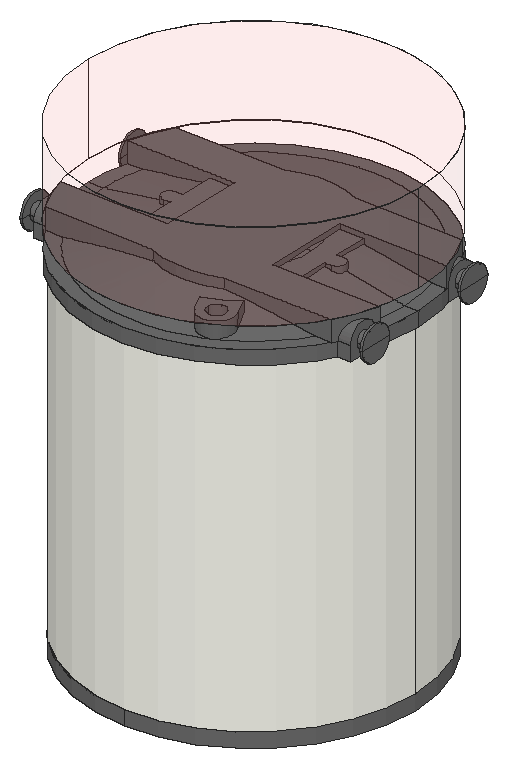
Revit family (continued)
Definition of nested family "Cooling_Plant_Accessories-Calmac-IceBank-Lid_C"
  Dimensions and locks (in)
    aligned and locked: Masking region 3 sketch curve to cut or joined group of Revolve 1, Extrusion 2, Extrusion 4, Extrusion 5  (x2)
    aligned and locked: curve 121 to cut or joined group of Revolve 1, Extrusion 2, Extrusion 4, Extrusion 5
    aligned and locked: curve 122 to cut or joined group of Revolve 1, Extrusion 2, Extrusion 4, Extrusion 5
    aligned and locked: curve 123 to cut or joined group of Revolve 1, Extrusion 2, Extrusion 4, Extrusion 5
    aligned and locked: curve 124 to cut or joined group of Revolve 1, Extrusion 2, Extrusion 4, Extrusion 5
    aligned and locked: curve 125 to cut or joined group of Revolve 1, Extrusion 2, Extrusion 4, Extrusion 5
    aligned and locked: curve 126 to cut or joined group of Revolve 1, Extrusion 2, Extrusion 4, Extrusion 5
    aligned and locked: curve 127 to cut or joined group of Revolve 1, Extrusion 2, Extrusion 4, Extrusion 5
    aligned and locked: curve 128 to cut or joined group of Revolve 1, Extrusion 2, Extrusion 4, Extrusion 5
    aligned and locked: curve 129 to cut or joined group of Revolve 1, Extrusion 2, Extrusion 4, Extrusion 5
    aligned and locked: curve 130 to cut or joined group of Revolve 1, Extrusion 2, Extrusion 4, Extrusion 5
    aligned and locked: curve 131 to cut or joined group of Revolve 1, Extrusion 2, Extrusion 4, Extrusion 5
    aligned and locked: curve 132 to cut or joined group of Revolve 1, Extrusion 2, Extrusion 4, Extrusion 5
    aligned and locked: curve 133 to cut or joined group of Revolve 1, Extrusion 2, Extrusion 4, Extrusion 5
    aligned and locked: curve 134 to cut or joined group of Revolve 1, Extrusion 2, Extrusion 4, Extrusion 5
    aligned and locked: curve 135 to cut or joined group of Revolve 1, Extrusion 2, Extrusion 4, Extrusion 5
    aligned and locked: curve 136 to cut or joined group of Revolve 1, Extrusion 2, Extrusion 4, Extrusion 5
    aligned and locked: curve 137 to cut or joined group of Revolve 1, Extrusion 2, Extrusion 4, Extrusion 5
    aligned and locked: curve 138 to cut or joined group of Revolve 1, Extrusion 2, Extrusion 4, Extrusion 5
    aligned and locked: curve 139 to cut or joined group of Revolve 1, Extrusion 2, Extrusion 4, Extrusion 5
    aligned and locked: curve 140 to cut or joined group of Revolve 1, Extrusion 2, Extrusion 4, Extrusion 5
    aligned and locked: curve 141 to cut or joined group of Revolve 1, Extrusion 2, Extrusion 4, Extrusion 5
    aligned and locked: curve 142 to cut or joined group of Revolve 1, Extrusion 2, Extrusion 4, Extrusion 5
    aligned and locked: curve 143 to cut or joined group of Revolve 1, Extrusion 2, Extrusion 4, Extrusion 5
    aligned and locked: curve 144 to cut or joined group of Revolve 1, Extrusion 2, Extrusion 4, Extrusion 5
    aligned and locked: curve 145 to cut or joined group of Revolve 1, Extrusion 2, Extrusion 4, Extrusion 5
    aligned and locked: curve 146 to cut or joined group of Revolve 1, Extrusion 2, Extrusion 4, Extrusion 5
    aligned and locked: curve 147 to cut or joined group of Revolve 1, Extrusion 2, Extrusion 4, Extrusion 5
    aligned and locked: curve 148 to cut or joined group of Revolve 1, Extrusion 2, Extrusion 4, Extrusion 5
    aligned and locked: cut or joined group of Revolve 1, Extrusion 2, Extrusion 4, Extrusion 5 to curve 149
    aligned and locked: curve 150 to cut or joined group of Revolve 1, Extrusion 2, Extrusion 4, Extrusion 5
    aligned and locked: curve 151 to cut or joined group of Revolve 1, Extrusion 2, Extrusion 4, Extrusion 5
    aligned and locked: cut or joined group of Revolve 1, Extrusion 2, Extrusion 4, Extrusion 5 to curve 152
    aligned and locked: curve 153 to cut or joined group of Revolve 1, Extrusion 2, Extrusion 4, Extrusion 5
    aligned and locked: curve 154 to cut or joined group of Revolve 1, Extrusion 2, Extrusion 4, Extrusion 5
    aligned and locked: curve 155 to cut or joined group of Revolve 1, Extrusion 2, Extrusion 4, Extrusion 5
    aligned and locked: curve 156 to cut or joined group of Revolve 1, Extrusion 2, Extrusion 4, Extrusion 5
    aligned and locked: curve 157 to cut or joined group of Revolve 1, Extrusion 2, Extrusion 4, Extrusion 5
    aligned and locked: curve 158 to cut or joined group of Revolve 1, Extrusion 2, Extrusion 4, Extrusion 5
    aligned and locked: curve 159 to cut or joined group of Revolve 1, Extrusion 2, Extrusion 4, Extrusion 5
    aligned and locked: curve 160 to cut or joined group of Revolve 1, Extrusion 2, Extrusion 4, Extrusion 5
    aligned and locked: curve 161 to cut or joined group of Revolve 1, Extrusion 2, Extrusion 4, Extrusion 5
    aligned and locked: curve 162 to cut or joined group of Revolve 1, Extrusion 2, Extrusion 4, Extrusion 5
    aligned and locked: curve 163 to cut or joined group of Revolve 1, Extrusion 2, Extrusion 4, Extrusion 5
    aligned and locked: curve 164 to cut or joined group of Revolve 1, Extrusion 2, Extrusion 4, Extrusion 5
    aligned and locked: curve 127 to curve 165
    aligned and locked: plane 19 "Rigging Front" to curve 166
    aligned and locked: plane 9 "Rigging Back" to curve 166
    aligned and locked: curve 121 to curve 167
    aligned and locked: plane 19 "Rigging Front" to curve 168
    aligned and locked: plane 9 "Rigging Back" to curve 168
    aligned and locked: plane 8 "Piping Back" to curve 167  (x2)
    aligned and locked: Masking region 3 sketch curve to plane 5 "Back Connector Back"
    aligned and locked: Masking region 3 sketch curve to plane 44 "Connection Sleeve Left"
    aligned and locked: plane 45 "Connection Sleeve Right" to Masking region 3 sketch curve
    aligned and locked: plane 15 "Front Connection Front" to Masking region 3 sketch curve
    aligned and locked: curve 169 to cut or joined group of Revolve 1, Extrusion 2, Extrusion 4, Extrusion 5
    aligned and locked: curve 170 to cut or joined group of Revolve 1, Extrusion 2, Extrusion 4, Extrusion 5
    aligned and locked: curve 171 to curve 169
    aligned and locked: curve 172 to curve 170
    aligned and locked: curve 173 to cut or joined group of Revolve 1, Extrusion 2, Extrusion 4, Extrusion 5
    aligned and locked: curve 174 to cut or joined group of Revolve 1, Extrusion 2, Extrusion 4, Extrusion 5
    aligned and locked: curve 175 to cut or joined group of Revolve 1, Extrusion 2, Extrusion 4, Extrusion 5
    aligned and locked: curve 176 to cut or joined group of Revolve 1, Extrusion 2, Extrusion 4, Extrusion 5
    aligned and locked: curve 177 to cut or joined group of Revolve 1, Extrusion 2, Extrusion 4, Extrusion 5
    aligned and locked: curve 178 to cut or joined group of Revolve 1, Extrusion 2, Extrusion 4, Extrusion 5
    aligned and locked: curve 179 to cut or joined group of Revolve 1, Extrusion 2, Extrusion 4, Extrusion 5
    aligned and locked: curve 180 to cut or joined group of Revolve 1, Extrusion 2, Extrusion 4, Extrusion 5
    aligned and locked: cut or joined group of Revolve 1, Extrusion 2, Extrusion 4, Extrusion 5 to curve 181
    aligned and locked: curve 182 to cut or joined group of Revolve 1, Extrusion 2, Extrusion 4, Extrusion 5
    aligned and locked: curve 183 to cut or joined group of Revolve 1, Extrusion 2, Extrusion 4, Extrusion 5
    aligned and locked: curve 184 to cut or joined group of Revolve 1, Extrusion 2, Extrusion 4, Extrusion 5
    aligned and locked: curve 185 to cut or joined group of Revolve 1, Extrusion 2, Extrusion 4, Extrusion 5
    aligned and locked: curve 186 to cut or joined group of Revolve 1, Extrusion 2, Extrusion 4, Extrusion 5
    aligned and locked: curve 187 to cut or joined group of Revolve 1, Extrusion 2, Extrusion 4, Extrusion 5
    aligned and locked: curve 188 to cut or joined group of Revolve 1, Extrusion 2, Extrusion 4, Extrusion 5
    aligned and locked: curve 189 to cut or joined group of Revolve 1, Extrusion 2, Extrusion 4, Extrusion 5
    aligned and locked: curve 190 to cut or joined group of Revolve 1, Extrusion 2, Extrusion 4, Extrusion 5
    aligned and locked: cut or joined group of Revolve 1, Extrusion 2, Extrusion 4, Extrusion 5 to curve 191
    aligned and locked: cut or joined group of Revolve 1, Extrusion 2, Extrusion 4, Extrusion 5 to curve 192
    aligned and locked: cut or joined group of Revolve 1, Extrusion 2, Extrusion 4, Extrusion 5 to curve 193
    aligned and locked: cut or joined group of Revolve 1, Extrusion 2, Extrusion 4, Extrusion 5 to curve 194
    aligned and locked: curve 195 to cut or joined group of Revolve 1, Extrusion 2, Extrusion 4, Extrusion 5
    aligned and locked: cut or joined group of Revolve 1, Extrusion 2, Extrusion 4, Extrusion 5 to curve 196
    aligned and locked: curve 197 to cut or joined group of Revolve 1, Extrusion 2, Extrusion 4, Extrusion 5
    aligned and locked: cut or joined group of Revolve 1, Extrusion 2, Extrusion 4, Extrusion 5 to curve 198
    aligned and locked: plane 6 "Back Connector Center" to nested 4
    aligned and locked: nested 4 to plane 44 "Connection Sleeve Left"
    aligned and locked: nested 1 to plane 6 "Back Connector Center"
    aligned and locked: nested 1 to plane 45 "Connection Sleeve Right"
    aligned and locked: plane 16 "Fron Connector Center" to nested 2
    aligned and locked: nested 2 to plane 45 "Connection Sleeve Right"
    aligned and locked: nested 3 to plane 16 "Fron Connector Center"
    aligned and locked: nested 3 to plane 44 "Connection Sleeve Left"
    aligned and locked: plane 2 "Bottom" to curve 201
    aligned and locked: plane 1 "Center (Front/Back)" to curve 201
    aligned and locked: plane 3 "Center (Left/Right)" to nested 5
    aligned and locked: plane 1 "Center (Front/Back)" to nested 5
    aligned: plane 54 "Top of Clearance Box" to nested 5
    aligned: plane 55 "Top" to nested 5  (x4)
    aligned and locked: Masking region 1 to plane 55 "Top"
    aligned and locked: plane 57 "Center (Elevation)" to Extrusion 3 sketch curve  (x4)
    aligned and locked: plane 7 "Back Connector Front" to Extrusion 3 sketch curve
    aligned and locked: plane 55 "Top" to cut or joined group of Revolve 1, Extrusion 2, Extrusion 4, Extrusion 5
    aligned and locked: plane 57 "Center (Elevation)" to curve 172
    aligned and locked: cut or joined group of Revolve 1, Extrusion 2, Extrusion 4, Extrusion 5 to plane 57 "Center (Elevation)"
    aligned: plane 57 "Center (Elevation)" to nested 1  (x2)
    aligned: plane 57 "Center (Elevation)" to nested 2  (x2)
    aligned and locked: plane 57 "Center (Elevation)" to cut or joined group of Revolve 1, Extrusion 2, Extrusion 4, Extrusion 5  (x5)
    aligned and locked: curve 171 to plane 57 "Center (Elevation)"
    aligned: plane 57 "Center (Elevation)" to nested 3
    aligned and locked: curve 120 to plane 56 "Connector Channel Top"
    aligned and locked: curve 114 to plane 56 "Connector Channel Top"
    aligned: Masking region 2 to plane 55 "Top"
    aligned: plane 56 "Connector Channel Top" to Masking region 2
    aligned and locked: plane 21 "Top Front Edge" to Masking region 2
    aligned and locked: plane 58 "Front Inset 2" to Masking region 2
    aligned and locked: plane 57 "Center (Elevation)" to curve 78
    aligned and locked: curve 173 to plane 57 "Center (Elevation)"
    aligned and locked: curve 77 to plane 8 "Piping Back"
    aligned and locked: plane 9 "Rigging Back" to curve 86
    aligned and locked: plane 19 "Rigging Front" to curve 80
    aligned and locked: curve 95 to plane 18 "Piping Front"
    aligned and locked: curve 84 to plane 10 "Rigging Loop Back"
    aligned and locked: curve 82 to plane 20 "Rigging Loop Front"
    aligned and locked: cut or joined group of Revolve 1, Extrusion 2, Extrusion 4, Extrusion 5 to plane 56 "Connector Channel Top"
    aligned and locked: nested 5 to plane 54 "Top of Clearance Box"
    aligned and locked: plane 57 "Center (Elevation)" to nested 1
    aligned and locked: plane 57 "Center (Elevation)" to nested 2
    aligned and locked: plane 57 "Center (Elevation)" to nested 3
    aligned and locked: plane 55 "Top" to nested 5  (x6)
    aligned and locked: plane 54 "Top of Clearance Box" to nested 5  (x4)
    aligned and locked: Masking region 2 sketch curve to plane 55 "Top"
    aligned and locked: plane 56 "Connector Channel Top" to Masking region 2 sketch curve
    aligned and locked: curve 202 to curve 187
    aligned and locked: curve 203 to curve 186
    aligned and locked: curve 204 to curve 185
    aligned and locked: curve 205 to curve 184
    aligned and locked: curve 206 to curve 183
    aligned and locked: curve 207 to curve 182
    aligned and locked: curve 208 to curve 181
    aligned and locked: curve 209 to curve 180
    aligned and locked: curve 210 to curve 179
    aligned and locked: curve 211 to curve 190
    aligned and locked: curve 212 to curve 189
    aligned and locked: curve 213 to curve 188
    aligned and locked: curve 214 to curve 172
    aligned and locked: curve 215 to curve 171
  Automatic sketch dimensions
    Extrusion 4 sketch curve to Extrusion 4 sketch curve = 0"
    Extrusion 5 sketch curve to plane 9 "Rigging Back" = 0"
    Extrusion 2 sketch curve to Extrusion 2 sketch curve = 0"  (x5)
    Extrusion 2 sketch curve to plane 35 "Top Left" = 0"
    Extrusion 2 sketch curve to plane 3 "Center (Left/Right)" = 0"
    Extrusion 2 sketch curve to plane 9 "Rigging Back" = 0"
    plane 30 "Left Lip Inset" to Extrusion 2 sketch curve = 1.96722"  (x2)
    plane 38 "Lid Inset Right" to Extrusion 2 sketch curve = 1.96722"  (x2)
    Extrusion 2 sketch curve to plane 20 "Rigging Loop Front" = 0.60261"
    Extrusion 2 sketch curve to plane 10 "Rigging Loop Back" = 0.60261"
    Masking region 2 sketch curve to plane 27 "Pad Eye Front Center" = 0.69072"
    Masking region 3 sketch curve to Masking region 3 sketch curve = 0"  (x7)
    Masking region 3 sketch curve to plane 5 "Back Connector Back" = 0"
    plane 15 "Front Connection Front" to Masking region 3 sketch curve = 0"
    Masking region 3 sketch curve to plane 43 "Top Right" = 29.61091"
    Masking region 3 sketch curve to plane 45 "Connection Sleeve Right" = 0"
    plane 38 "Lid Inset Right" to Masking region 3 sketch curve = 1.34348"
    Revolve 1 sketch curve to Revolve 1 sketch curve = 3 3/4"
    Revolve 1 sketch curve to Revolve 1 sketch curve = 9"
    Revolve 1 sketch curve to Revolve 1 sketch curve = 0"
    Masking region 1 sketch curve to Masking region 1 sketch curve = 9 1/4"
    Masking region 2 sketch curve to plane 22 "Front Inset" = 0"
    Masking region 2 sketch curve to Masking region 2 sketch curve = 3 3/4"
    Masking region 2 sketch curve to Masking region 2 sketch curve = 0.64281"
    level to Masking region 2 sketch curve = 6.26888"
    level to Masking region 2 sketch curve = 6.54801"
    Masking region 2 sketch curve to Masking region 2 sketch curve = 0.27913"
    Masking region 2 sketch curve to Masking region 2 sketch curve = 3.60719"
    curve 97 to level = 0"
    curve 97 to plane 44 "Connection Sleeve Left" = 0"
    curve 119 to plane 57 "Center (Elevation)" = 0"
    curve 119 to level = 0"
    curve 100 to plane 50 "Top Left Inset" = 0"
    curve 99 to plane 3 "Center (Left/Right)" = 0"
    curve 101 to plane 56 "Connector Channel Top" = 0"
    plane 43 "Top Right" to curve 103 = 0"
    plane 51 "Top Right Inset" to curve 110 = 0"
    curve 116 to plane 57 "Center (Elevation)" = 0"
    plane 45 "Connection Sleeve Right" to curve 114 = 0"
    curve 111 to level = 0"
    curve 100 to plane 55 "Top" = 0"
    curve 110 to plane 55 "Top" = 0"
    plane 44 "Connection Sleeve Left" to curve 117 = 0.88726"
    curve 117 to plane 30 "Left Lip Inset" = 0.835"
    curve 117 to plane 50 "Top Left Inset" = 0.71316"
    curve 119 to curve 98 = 0.55915"
    plane 50 "Top Left Inset" to curve 115 = 4.45635"
    curve 99 to plane 32 "Left Rigging Loop Inset" = 1.17979"
    plane 35 "Top Left" to curve 99 = 0"
    plane 43 "Top Right" to curve 99 = 0.20898"
    plane 57 "Center (Elevation)" to curve 106 = 0.73854"
    curve 106 to plane 43 "Top Right" = 2.02375"
    plane 46 "Right Center" to curve 106 = 0.99812"
    plane 46 "Right Center" to curve 106 = 0.88046"
    curve 108 to plane 46 "Right Center" = 0.34333"
    plane 41 "Right Rigging Loop Left" to curve 107 = 0.48196"
    curve 107 to curve 107 = 0.0769"
    plane 41 "Right Rigging Loop Left" to curve 102 = 0.25712"
    curve 109 to curve 98 = 5.53004"
    curve 116 to plane 51 "Top Right Inset" = 0.55915"
    curve 112 to plane 51 "Top Right Inset" = 0.71316"
    curve 114 to plane 38 "Lid Inset Right" = 0.835"
    plane 45 "Connection Sleeve Right" to curve 112 = 0.88726"
    plane 57 "Center (Elevation)" to curve 107 = 0.21408"
    plane 57 "Center (Elevation)" to curve 101 = 1.59188"
    plane 57 "Center (Elevation)" to curve 112 = 1.76036"
    plane 57 "Center (Elevation)" to curve 118 = 1.76036"
    curve 104 to curve 109 = 1.3737"
    curve 101 to curve 99 = 1.22618"
    level to curve 115 = 6.56901"
    curve 198 to plane 18 "Piping Front" = 0"
    curve 198 to plane 57 "Center (Elevation)" = 0"
    curve 198 to plane 55 "Top" = 0"
    curve 197 to plane 57 "Center (Elevation)" = 0.14855"
    curve 197 to plane 8 "Piping Back" = 0"
    curve 197 to plane 55 "Top" = 0"
    curve 196 to plane 18 "Piping Front" = 0"
    curve 195 to plane 8 "Piping Back" = 0"
    curve 195 to plane 57 "Center (Elevation)" = 0"
    curve 195 to plane 55 "Top" = 0"
    curve 196 to plane 57 "Center (Elevation)" = 0"
    curve 196 to plane 55 "Top" = 0.21345"
    curve 122 to curve 126 = 0"  (x2)
    curve 122 to curve 130 = 0"  (x2)
    curve 122 to curve 134 = 0"  (x2)
    curve 122 to curve 140 = 0"  (x2)
    curve 122 to curve 141 = 0"
    curve 122 to curve 155 = 0"
    curve 122 to curve 156 = 0"  (x2)
    curve 122 to curve 166 = 0"  (x2)
    curve 122 to curve 168 = 0"  (x2)
    curve 122 to curve 171 = 0"  (x2)
    curve 122 to curve 173 = 0"  (x2)
    curve 122 to curve 174 = 0"  (x2)
    curve 122 to curve 175 = 0"  (x2)
    curve 122 to curve 176 = 0"
    curve 122 to curve 177 = 0"  (x2)
    curve 122 to curve 178 = 0"
    curve 128 to curve 186 = 0"  (x2)
    curve 136 to curve 180 = 0"
    curve 161 to curve 163 = 0"
    curve 161 to curve 164 = 0"
    curve 133 to plane 52 "Right Side Chanel" = 0"
    curve 131 to plane 52 "Right Side Chanel" = 0"
    curve 178 to plane 38 "Lid Inset Right" = 0"
    plane 20 "Rigging Loop Front" to curve 145 = 0"
    plane 1 "Center (Front/Back)" to curve 146 = 0"
    curve 143 to plane 41 "Right Rigging Loop Left" = 0"
    curve 147 to plane 41 "Right Rigging Loop Left" = 0"
    curve 189 to plane 42 "Right Rigging Left" = 0"
    curve 128 to plane 43 "Top Right" = 0"
    curve 135 to plane 43 "Top Right" = 0"
    plane 18 "Piping Front" to curve 186 = 0"
    curve 186 to plane 43 "Top Right" = 0"
    curve 165 to plane 3 "Center (Left/Right)" = 0"
    curve 186 to plane 3 "Center (Left/Right)" = 0"
    curve 180 to plane 3 "Center (Left/Right)" = 0"
    curve 167 to plane 3 "Center (Left/Right)" = 0"
    plane 18 "Piping Front" to curve 127 = 0"
    curve 123 to plane 34 "Left Rigging Right" = 0"
    curve 153 to plane 33 "Left Rigging Loop Right" = 0"
    curve 158 to plane 33 "Left Rigging Loop Right" = 0"
    curve 150 to plane 10 "Rigging Loop Back" = 0"
    plane 1 "Center (Front/Back)" to curve 150 = 0"
    curve 122 to plane 50 "Top Left Inset" = 0"
    curve 126 to plane 50 "Top Left Inset" = 0"
    curve 176 to plane 30 "Left Lip Inset" = 0"
    curve 168 to curve 178 = 0"
    curve 130 to curve 174 = 4.45635"
    curve 165 to curve 174 = 0"
    plane 51 "Top Right Inset" to curve 173 = 4.45635"
    curve 167 to curve 173 = 0"
    curve 145 to plane 40 "Right Rigging Loop Inset" = 1.25367"
    curve 161 to plane 24 "Pad Eye Back Left Offset" = 0.24397"
    plane 41 "Right Rigging Loop Left" to curve 161 = 0.73123"
    curve 163 to plane 46 "Right Center" = 0.40154"
    plane 46 "Right Center" to curve 162 = 0.11395"
    curve 161 to plane 42 "Right Rigging Left" = 1.55753"
    curve 141 to plane 42 "Right Rigging Left" = 1.24396"
    plane 25 "Pad Eye Hole" to curve 161 = 0.41045"
    plane 42 "Right Rigging Left" to curve 161 = 2.62837"
    plane 26 "Pad Eye Back Left" to curve 160 = 0.04987"
    plane 43 "Top Right" to curve 160 = 0.20898"
    plane 43 "Top Right" to curve 179 = 0.88239"
    plane 1 "Center (Front/Back)" to curve 159 = 0.00093"
    plane 3 "Center (Left/Right)" to curve 159 = 0.00344"
    curve 156 to plane 34 "Left Rigging Right" = 1.24396"
    curve 150 to plane 32 "Left Rigging Loop Inset" = 1.24992"
    curve 166 to curve 175 = 0"
    curve 180 to plane 10 "Rigging Loop Back" = 0.60261"
    curve 167 to plane 1 "Center (Front/Back)" = 0.00493"
    curve 159 to curve 165 = 0.03088"
    curve 128 to plane 20 "Rigging Loop Front" = 0.60261"
    curve 194 to plane 19 "Rigging Front" = 0"
    curve 193 to plane 9 "Rigging Back" = 0"
    curve 194 to plane 57 "Center (Elevation)" = 0"
    curve 193 to plane 57 "Center (Elevation)" = 0"
    curve 194 to plane 55 "Top" = 0"
    curve 193 to plane 55 "Top" = 0"
    curve 192 to plane 57 "Center (Elevation)" = 0"
    curve 192 to plane 55 "Top" = 0"
    curve 191 to plane 9 "Rigging Back" = 0"
    curve 191 to plane 57 "Center (Elevation)" = 0"
    curve 191 to plane 55 "Top" = 0"
    curve 192 to plane 19 "Rigging Front" = 0"
    curve 92 to plane 21 "Top Front Edge" = 0"
    curve 76 to plane 11 "Top Back Edge" = 0"
    curve 78 to plane 12 "Back Inset" = 0"
    level to curve 74 = 0"
    level to curve 89 = 0"
    level to curve 90 = 0"
    level to curve 75 = 0"
    plane 56 "Connector Channel Top" to curve 81 = 0"
    plane 56 "Connector Channel Top" to curve 85 = 0"
    curve 80 to plane 55 "Top" = 0"
    curve 77 to plane 55 "Top" = 0"
    curve 201 to plane 55 "Top" = 0"
    curve 86 to plane 55 "Top" = 0"
    curve 95 to plane 55 "Top" = 0"
    plane 23 "Pad Eye Back Right" to curve 91 = 0.21387"
    curve 91 to plane 58 "Front Inset 2" = 0.00052"
    plane 22 "Front Inset" to curve 96 = 0.00227"
    plane 18 "Piping Front" to curve 92 = 0.02422"
    curve 93 to plane 20 "Rigging Loop Front" = 0.00136"
    plane 1 "Center (Front/Back)" to curve 94 = 0.0138"
    plane 1 "Center (Front/Back)" to curve 94 = 0.00177"
    curve 93 to plane 1 "Center (Front/Back)" = 0.01386"
    curve 94 to plane 10 "Rigging Loop Back" = 0.00136"
    curve 76 to plane 8 "Piping Back" = 0.00969"
    plane 56 "Connector Channel Top" to curve 93 = 1.56605"
    plane 56 "Connector Channel Top" to curve 76 = 1.45199"
    plane 56 "Connector Channel Top" to curve 92 = 1.45199"
    curve 94 to curve 93 = 0.32132"
    curve 94 to curve 83 = 0.34177"
    curve 94 to curve 84 = 0.00054"
    curve 94 to curve 94 = 0.00054"
    curve 82 to curve 93 = 0.00002"
    curve 93 to curve 93 = 0.00002"
    curve 16 to curve 167 = 1.61517"
    curve 18 to curve 18 = 0.6236"
    curve 17 to plane 11 "Top Back Edge" = 1.60052"
    curve 18 to curve 17 = 0.6236"
    curve 18 to curve 16 = 1.56427"
    curve 16 to curve 17 = 1.24719"
    curve 18 to curve 17 = 0.78196"
    curve 17 to curve 17 = 1.24746"
    curve 16 to curve 17 = 1.56393"
    curve 15 to plane 31 "Left Rigging Loop Left" = 0.92879"
    curve 15 to curve 15 = 0.78196"
    curve 15 to curve 13 = 1.24746"
    curve 15 to curve 14 = 0.78196"
    curve 13 to curve 14 = 1.56393"
    curve 14 to curve 16 = 5.29454"
    curve 15 to curve 14 = 0.6236"
    curve 14 to curve 14 = 1.56427"
    curve 13 to curve 14 = 1.24719"
    plane 1 "Center (Front/Back)" to curve 60 = 0"
    curve 1 to plane 47 "Bolt Inset Right" = 0"
    curve 41 to plane 14 "Front" = 0"
    curve 41 to plane 47 "Bolt Inset Right" = 0"
    curve 42 to plane 3 "Center (Left/Right)" = 0"
    curve 2 to plane 48 "Bolt Inset Left" = 0"
    plane 1 "Center (Front/Back)" to curve 24 = 0"
    plane 4 "Back" to curve 2 = 0"
    plane 4 "Back" to curve 1 = 0"
    plane 49 "Bolt Inset Center" to curve 3 = 0"
    curve 40 to plane 14 "Front" = 0"
    curve 58 to plane 37 "Right" = 0.00227"
    curve 59 to plane 37 "Right" = 0.00227"
    curve 61 to plane 52 "Right Side Chanel" = 0.5656"
    curve 56 to plane 52 "Right Side Chanel" = 0.5656"
    curve 55 to plane 52 "Right Side Chanel" = 0.12048"
    curve 62 to plane 52 "Right Side Chanel" = 0.12048"
    plane 45 "Connection Sleeve Right" to curve 60 = 0.26851"
    curve 56 to plane 38 "Lid Inset Right" = 0.97814"
    curve 63 to plane 38 "Lid Inset Right" = 0.97814"
    curve 63 to plane 38 "Lid Inset Right" = 0.75558"
    curve 57 to plane 38 "Lid Inset Right" = 0.75558"
    curve 62 to plane 38 "Lid Inset Right" = 0.53302"
    curve 55 to plane 38 "Lid Inset Right" = 0.53302"
    curve 53 to plane 23 "Pad Eye Back Right" = 1.03206"
    plane 51 "Top Right Inset" to curve 53 = 3.26006"
    plane 51 "Top Right Inset" to curve 64 = 3.26006"
    plane 26 "Pad Eye Back Left" to curve 52 = 1.31658"
    curve 53 to curve 52 = 1.24719"
    curve 64 to curve 65 = 1.24719"
    curve 64 to curve 66 = 1.56427"
    curve 64 to plane 11 "Top Back Edge" = 1.60052"
    plane 23 "Pad Eye Back Right" to curve 53 = 0.21541"
    curve 53 to curve 53 = 1.56427"
    curve 53 to curve 54 = 0.6236"
    curve 66 to curve 66 = 0.6236"  (x2)
    curve 54 to curve 52 = 0.6236"
    curve 67 to plane 39 "Right Rigging Loop Right" = 3.74019"
    plane 25 "Pad Eye Hole" to curve 50 = 0.6295"
    curve 50 to plane 39 "Right Rigging Loop Right" = 3.74019"
    curve 67 to curve 67 = 1.24746"
    curve 50 to curve 50 = 1.24746"
    curve 49 to plane 25 "Pad Eye Hole" = 0.61769"
    curve 50 to curve 49 = 1.56393"
    curve 67 to curve 68 = 1.56393"
    curve 69 to curve 69 = 0.78196"
    curve 50 to curve 51 = 0.78196"
    curve 49 to plane 39 "Right Rigging Loop Right" = 0.92879"
    curve 69 to plane 39 "Right Rigging Loop Right" = 0.92879"
    plane 41 "Right Rigging Loop Left" to curve 47 = 0.54143"
    plane 41 "Right Rigging Loop Left" to curve 70 = 0.54143"
    plane 41 "Right Rigging Loop Left" to curve 48 = 1.40954"
    plane 41 "Right Rigging Loop Left" to curve 72 = 1.40954"
    curve 72 to plane 46 "Right Center" = 0.53926"
    curve 48 to plane 46 "Right Center" = 0.53926"
    plane 22 "Front Inset" to curve 46 = 0.13961"
    curve 46 to plane 46 "Right Center" = 0.50624"
    plane 12 "Back Inset" to curve 71 = 0.13961"
    curve 71 to plane 46 "Right Center" = 0.50624"
    plane 46 "Right Center" to curve 48 = 0.36187"
    plane 46 "Right Center" to curve 72 = 0.36187"
    curve 4 to plane 43 "Top Right" = 1.29276"
    curve 44 to plane 43 "Top Right" = 1.29276"
    curve 45 to plane 43 "Top Right" = 0.84755"
    plane 13 "Back Bolt Front" to curve 6 = 0.28224"
    curve 6 to plane 43 "Top Right" = 0.84755"
    plane 43 "Top Right" to curve 45 = 0.12755"
    plane 13 "Back Bolt Front" to curve 6 = 0.05968"
    plane 43 "Top Right" to curve 6 = 0.12755"
    plane 43 "Top Right" to curve 43 = 0.65743"
    plane 43 "Top Right" to curve 5 = 0.65743"
    curve 45 to curve 43 = 0.97509"
    curve 5 to plane 13 "Back Bolt Front" = 0.16288"
    curve 9 to plane 13 "Back Bolt Front" = 0.16288"
    plane 35 "Top Left" to curve 9 = 1.10264"
    plane 35 "Top Left" to curve 38 = 1.10264"
    plane 35 "Top Left" to curve 38 = 0.65743"
    plane 35 "Top Left" to curve 7 = 0.65743"
    plane 35 "Top Left" to curve 39 = 0.12755"
    plane 13 "Back Bolt Front" to curve 9 = 0.05968"
    plane 35 "Top Left" to curve 9 = 0.12755"
    curve 39 to plane 22 "Front Inset" = 0.53076"
    curve 39 to plane 35 "Top Left" = 0.84755"
    plane 13 "Back Bolt Front" to curve 8 = 0.28224"
    curve 8 to plane 35 "Top Left" = 1.29276"
    curve 37 to plane 35 "Top Left" = 1.29276"
    plane 33 "Left Rigging Loop Right" to curve 36 = 3.21178"
    plane 33 "Left Rigging Loop Right" to curve 12 = 3.21178"
    plane 12 "Back Inset" to curve 10 = 0.13961"
    curve 10 to curve 10 = 0.8681"
    plane 22 "Front Inset" to curve 35 = 0.13961"
    curve 36 to curve 35 = 0.8681"
    curve 12 to curve 12 = 0.90112"
    curve 35 to curve 36 = 0.90112"
    curve 12 to curve 11 = 0.90112"
    curve 36 to plane 58 "Front Inset 2" = 0.83541"
    curve 36 to curve 36 = 0.90112"
    plane 33 "Left Rigging Loop Right" to curve 11 = 0.54143"
    plane 33 "Left Rigging Loop Right" to curve 34 = 0.54143"
    curve 32 to plane 31 "Left Rigging Loop Left" = 0.92879"
    curve 32 to curve 33 = 0.78196"
    curve 32 to plane 25 "Pad Eye Hole" = 0.61769"
    curve 33 to curve 32 = 1.24746"
    curve 33 to curve 33 = 0.78196"
    plane 25 "Pad Eye Hole" to curve 31 = 0.6295"
    curve 32 to curve 31 = 1.56393"
    curve 30 to curve 165 = 1.61517"
    curve 29 to plane 23 "Pad Eye Back Right" = 1.34852"
    curve 29 to curve 30 = 0.6236"
    plane 23 "Pad Eye Back Right" to curve 28 = 0.21541"
    curve 30 to curve 28 = 0.6236"
    plane 26 "Pad Eye Back Left" to curve 29 = 1.31658"
    curve 30 to curve 29 = 1.56427"
    curve 28 to plane 23 "Pad Eye Back Right" = 1.03206"
    curve 29 to curve 28 = 1.24719"
    curve 19 to plane 30 "Left Lip Inset" = 0.53302"
    curve 27 to plane 30 "Left Lip Inset" = 0.53302"
    curve 21 to plane 30 "Left Lip Inset" = 0.75558"
    curve 27 to plane 30 "Left Lip Inset" = 0.75558"
    curve 20 to plane 30 "Left Lip Inset" = 0.97814"
    curve 27 to plane 30 "Left Lip Inset" = 0.97814"
    plane 44 "Connection Sleeve Left" to curve 23 = 0.26851"
    curve 26 to plane 53 "Left Side Channel" = 0.12048"
    curve 19 to plane 53 "Left Side Channel" = 0.12048"
    curve 20 to plane 53 "Left Side Channel" = 0.5656"
    curve 25 to plane 53 "Left Side Channel" = 0.5656"
    curve 22 to plane 29 "Left" = 0.00227"
    curve 23 to plane 29 "Left" = 0.00227"
    plane 4 "Back" to curve 5 = 0.88851"
    plane 4 "Back" to curve 7 = 0.88851"
    curve 8 to plane 49 "Bolt Inset Center" = 0.66715"
    curve 4 to plane 49 "Bolt Inset Center" = 0.66715"
    plane 12 "Back Inset" to curve 11 = 1.00752"
    plane 12 "Back Inset" to curve 70 = 1.00752"
    plane 12 "Back Inset" to curve 10 = 1.94225"
    plane 12 "Back Inset" to curve 71 = 1.94225"
    curve 12 to curve 12 = 0.43396"
    curve 71 to curve 72 = 0.43396"
    plane 12 "Back Inset" to curve 68 = 5.22954"
    curve 68 to curve 67 = 1.24719"
    curve 68 to curve 68 = 1.56427"
    curve 68 to curve 69 = 0.6236"
    curve 65 to curve 64 = 2.81139"
    curve 65 to curve 64 = 1.56393"
    curve 65 to curve 66 = 0.78196"
    curve 19 to plane 9 "Rigging Back" = 0.41389"
    curve 62 to plane 9 "Rigging Back" = 0.41389"
    curve 21 to plane 9 "Rigging Back" = 0.85911"
    curve 62 to plane 9 "Rigging Back" = 0.85911"
    curve 62 to curve 63 = 0.97509"
    curve 21 to curve 21 = 0.97509"
    curve 62 to curve 61 = 1.95019"
    curve 19 to curve 20 = 1.95019"
    curve 59 to plane 10 "Rigging Loop Back" = 0.99983"
    curve 24 to plane 10 "Rigging Loop Back" = 0.99983"
    curve 25 to plane 19 "Rigging Front" = 2.80929"
    curve 56 to plane 19 "Rigging Front" = 2.80929"
    curve 57 to curve 56 = 0.44521"
    curve 25 to curve 25 = 0.44521"
    curve 56 to curve 57 = 0.97509"
    curve 27 to curve 27 = 0.97509"
    curve 26 to plane 19 "Rigging Front" = 0.41389"
    curve 55 to plane 19 "Rigging Front" = 0.41389"
    curve 54 to plane 23 "Pad Eye Back Right" = 0.56656"
    curve 33 to curve 31 = 1.56427"
    curve 51 to curve 50 = 1.56427"
    curve 50 to curve 51 = 0.6236"
    curve 33 to curve 33 = 0.6236"
    curve 48 to plane 58 "Front Inset 2" = 0.83541"
    curve 36 to curve 36 = 0.43396"
    curve 47 to curve 48 = 0.43396"
    plane 22 "Front Inset" to curve 47 = 1.00752"
    plane 22 "Front Inset" to curve 34 = 1.00752"
    curve 44 to plane 22 "Front Inset" = 0.53076"
    curve 39 to plane 22 "Front Inset" = 0.75332"
    curve 45 to plane 22 "Front Inset" = 0.75332"
    curve 40 to plane 22 "Front Inset" = 1.81422"
    plane 14 "Front" to curve 44 = 1.33363"
    plane 14 "Front" to curve 37 = 1.33363"
    plane 14 "Front" to curve 43 = 0.88851"
    plane 14 "Front" to curve 38 = 0.88851"
    curve 200 to plane 3 "Center (Left/Right)" = 0"
    curve 210 to curve 209 = 0.88239"
    curve 199 to plane 37 "Right" = 0"
    plane 1 "Center (Front/Back)" to curve 199 = 0"
    curve 199 to plane 29 "Left" = 0"
    curve 214 to curve 216 = 0"  (x2)
    curve 214 to curve 217 = 0"  (x2)
    curve 202 to plane 51 "Top Right Inset" = 0"
    plane 14 "Front" to curve 200 = 0.00227"
    curve 207 to plane 53 "Left Side Channel" = 0"
    plane 4 "Back" to curve 200 = 0.00227"
  Nested families (in)
    nested 1: "Cooling_Plant_Accessories-Calmac-IceBank-4-Inch Flanged Connection" at (42.58273, 16.5, 3.75), Pipe Material <- "Pipe Material", visible <- "Is Back Right Flanged Connector Visibility", type "Flanged Connection"
      with Pipe Material Plastic- Calmac- Black
    nested 2: "Cooling_Plant_Accessories-Calmac-IceBank-4-Inch Flanged Connection" at (42.58273, -16.5, 3.75), Pipe Material <- "Pipe Material", visible <- "Is Front Right  Flanged Connector Visibility", type "Flanged Connection"
      with Pipe Material Plastic- Calmac- Black
    nested 3: "Cooling_Plant_Accessories-Calmac-IceBank-4-Inch Flanged Connection" at (-42.58273, -16.5, 3.75) x (-1, 0, 0) z (0, 0, 1), Pipe Material <- "Pipe Material", visible <- "Is Front Left  Flanged Connector Visibility", type "Flanged Connection"
      with Pipe Material Plastic- Calmac- Black
    nested 4: "Cooling_Plant_Accessories-Calmac-IceBank-4-Inch Flanged Connection" at (-42.58273, 16.5, 3.75) x (-1, 0, 0) z (0, 0, 1), Pipe Material <- "Pipe Material", visible <- "Is Back Left  Flanged Connector Visibility", type "Flanged Connection"
      with Pipe Material Plastic- Calmac- Black
    nested 5: "Cooling_Plant_Accessories-Calmac-IceBankClearance Box" at (0, 0, 15.25), CTRL Radius <- "CTRL Radius", visible <- "Is Clearance Box Visible", type "Include Clearance"
      with Width 88 5/8", Height 36", Depth 88 5/8", CTRL Radius 44 5/16"
  Definition of nested family "Cooling_Plant_Accessories-Calmac-IceBank-4-Inch Flanged Connection"
    Parameters (values of type "4"")
      Pipe Material [instance] = none
      No Flange = not(Has Flange)  # no
      Has Flange = yes
    Reference planes (in)
      plane 1 "Center (Front/Back)": y = 0
      plane 2 "Center (Elevation)": z = 0
      plane 3 "Center (Left/Right)": x = 0
      plane 4 "Back": y = 4.5
      plane 5 "Back Face": x = 2.79297
      plane 6 "Base Back": y = 2.25
      plane 7 "Fase Back": y = 3
      plane 8 "Front": y = -4.5
      plane 9 "Base Front": y = -2.25
      plane 10 "Face Front": y = -3
      plane 11 "Face": x = 3.41797
      plane 12 "T.O. Flange": z = 4.5
      plane 13 "T.O. Pipe": z = 2.25
      plane 14 "B.O. Flange": z = -4.5
      plane 15 "B.O. Pipe": z = -2.25
    Forms (in)
      Revolve 1, solid, material <- "Pipe Material", visible <- "Has Flange", detail levels fine
        sketch origin (0, 0, 0) x (1, 0, 0) y (0, 1, 0)
          loop
            line (0, 2.25) -> (0, 0) -> (3.41797, 0) -> (3.41797, 4.5) -> (2.79297, 4.5) -> (2.79297, 2.25) -> (0, 2.25)
          axis (0, 0) -> (3.41797, 0)
        angle from 0 to 360
      Extrusion 2, solid, material <- "Pipe Material", visible <- "No Flange", detail levels fine
        sketch origin (3.41797, 0, 0) x (0, 1, 0) y (0, 0, 1)
          loop
            circle (0, 0) r 2.25
        from -3.41797 to 0
    Lines and regions (in)
      Masking region 1, detail levels fine
        outline origin (0, 0, 0) x (0, 1, 0) y (0, 0, 1)
          loop
            circle (0, 0) r 4.5
      Masking region 2, detail levels fine
        outline origin (0, 0, 0) x (1, 0, 0) y (0, 0, 1)
          loop
            line (3.41797, 4.5) -> (2.79297, 4.5) -> (2.79297, 2.25) -> (0, 2.25) -> (0, -2.25) -> (2.79297, -2.25) -> (2.79297, -4.5) -> (3.41797, -4.5) -> (3.41797, 4.5)
      Masking region 3, visible <- "Has Flange", detail levels fine
        outline origin (0, 0, 0) x (1, 0, 0) y (0, 1, 0)
          loop
            line (0, 2.25) -> (0, -2.25) -> (2.79297, -2.25) -> (2.79297, -4.5) -> (3.41797, -4.5) -> (3.41797, 4.5) -> (2.79297, 4.5) -> (2.79297, 2.25) -> (0, 2.25)
      Masking region 4, visible <- "No Flange", detail levels fine
        outline origin (0, 0, 0) x (1, 0, 0) y (0, 1, 0)
          loop
            line (0, 2.25) -> (0, -2.25) -> (3.41797, -2.25) -> (3.41797, 2.25) -> (0, 2.25)
      model lines, style "Piping", detail levels medium
        curve 1: line (0, 0, 0) -> (3.41797, 0, 0)
        curve 2: arc (3.41797, -4.5, 0) -> (3.41797, 0, 4.5) -> (3.41797, 4.5, 0) r 4.5
        curve 3: arc (3.41797, 4.5, 0) -> (3.41797, 0, -4.5) -> (3.41797, -4.5, 0) r 4.5
      symbolic lines, detail levels coarse+medium
        curve 4: line (0, 0, 0) -> (3.41797, 0, 0)
        curve 5: line (0, 0, 0) -> (3.41797, 0, 0)
    Dimensions and locks (in)
      locked: plane 4 "Back" to plane 7 "Fase Back" at 1.5
      locked: plane 4 "Back" to plane 6 "Base Back" at 2.25
      locked: plane 8 "Front" to plane 10 "Face Front" at 1.5
      locked: plane 8 "Front" to plane 9 "Base Front" at 2.25
      locked: plane 1 "Center (Front/Back)" to plane 6 "Base Back" at 2.25
      locked: plane 9 "Base Front" to plane 1 "Center (Front/Back)" at 2.25
      locked: plane 3 "Center (Left/Right)" to plane 11 "Face" at 3.41797
      locked: plane 5 "Back Face" to plane 11 "Face" at 0.625
      locked: plane 2 "Center (Elevation)" to plane 14 "B.O. Flange" at 4.5
      locked: plane 2 "Center (Elevation)" to plane 15 "B.O. Pipe" at 2.25
      locked: plane 12 "T.O. Flange" to plane 2 "Center (Elevation)" at 4.5
      locked: plane 12 "T.O. Flange" to plane 13 "T.O. Pipe" at 2.25
      aligned and locked: Revolve 1 sketch curve to plane 3 "Center (Left/Right)"
      aligned and locked: Revolve 1 sketch curve to plane 5 "Back Face"
      aligned and locked: Revolve 1 sketch curve to plane 11 "Face"
      aligned and locked: Revolve 1 sketch curve to plane 1 "Center (Front/Back)"
      aligned and locked: Revolve 1 sketch curve to plane 4 "Back"
      aligned and locked: Revolve 1 sketch curve to plane 6 "Base Back"
      aligned and locked: plane 1 "Center (Front/Back)" to Revolve 1 sketch curve  (x2)
      aligned and locked: plane 3 "Center (Left/Right)" to Revolve 1 sketch curve
      aligned and locked: Masking region 1 sketch curve to Revolve 1  (x2)
      aligned and locked: Masking region 2 sketch curve to Revolve 1  (x3)
      aligned and locked: Masking region 2 sketch curve to plane 5 "Back Face"
      aligned and locked: Masking region 2 sketch curve to plane 3 "Center (Left/Right)"
      aligned and locked: Masking region 3 sketch curve to plane 3 "Center (Left/Right)"
      aligned and locked: Masking region 3 sketch curve to plane 4 "Back"
      aligned and locked: Masking region 3 sketch curve to plane 6 "Base Back"
      aligned and locked: plane 9 "Base Front" to Masking region 3 sketch curve
      aligned and locked: plane 8 "Front" to Masking region 3 sketch curve
      aligned and locked: Masking region 3 sketch curve to plane 11 "Face"
      aligned and locked: Masking region 3 sketch curve to plane 5 "Back Face"  (x2)
      aligned and locked: plane 1 "Center (Front/Back)" to curve 1
      aligned and locked: plane 3 "Center (Left/Right)" to curve 1
      aligned and locked: curve 2 to Revolve 1
      aligned and locked: curve 3 to Revolve 1
      aligned and locked: plane 11 "Face" to curve 1
      aligned and locked: plane 11 "Face" to curve 4
      aligned and locked: plane 3 "Center (Left/Right)" to curve 4
      aligned and locked: plane 1 "Center (Front/Back)" to curve 4
      aligned and locked: plane 11 "Face" to curve 5
      aligned and locked: plane 3 "Center (Left/Right)" to curve 5
      aligned and locked: curve 5 to plane 2 "Center (Elevation)"
      aligned and locked: Masking region 2 to plane 12 "T.O. Flange"
      aligned and locked: plane 13 "T.O. Pipe" to Masking region 2
      aligned and locked: plane 2 "Center (Elevation)" to curve 1
      aligned and locked: plane 15 "B.O. Pipe" to Masking region 2
      aligned and locked: Masking region 2 to plane 14 "B.O. Flange"
      aligned and locked: plane 1 "Center (Front/Back)" to Extrusion 2 sketch curve
      aligned and locked: plane 2 "Center (Elevation)" to Extrusion 2 sketch curve
      aligned and locked: Extrusion 2 to plane 3 "Center (Left/Right)"
      aligned and locked: plane 11 "Face" to Extrusion 2
      aligned and locked: Masking region 4 sketch curve to plane 9 "Base Front"
      aligned and locked: Masking region 4 sketch curve to plane 6 "Base Back"
      aligned and locked: plane 3 "Center (Left/Right)" to Masking region 4 sketch curve
      aligned and locked: Masking region 4 sketch curve to plane 11 "Face"
  Definition of nested family "Cooling_Plant_Accessories-Calmac-IceBankClearance Box"
    Parameters (values of type "Include Clearance")
      Width [instance] = CTRL Radius * 2  # 89"
      Height [instance] = 36"
      Depth [instance] = Width  # 89"
      Clearance Material = Clearance
      CTRL Radius [instance] = 44 1/2"
      Assembly Code = ""
    Reference planes (in)
      plane 1 "Center (Front/Back)": y = 0
      plane 2 "Bottom": z = -6
      plane 3 "Center (Left/Right)": x = 0
      plane 4 "Top": z = 30
      plane 5 "Back": y = 44.5
      plane 6 "Left": x = -44.5
      plane 7 "Front": y = -44.5
      plane 8 "Right": x = 44.5
      plane 9 "Center (Elevation)": z = 12
    Forms (in)
      Extrusion 1, solid, material "Clearance" <- "Clearance Material"
        sketch origin (0, 0, 30) x (-1, 0, 0) y (0, -1, 0)
          loop
            circle (0, 0) r 44.5
        from -36 to 0
    Lines and regions (in)
      symbolic lines, style "Clearance"
        curve 1: line (-44.5, 0, 30) -> (44.5, 0, 30)
        curve 2: line (-44.5, 0, -6) -> (-44.5, 0, 30)
        curve 3: line (44.5, 0, -6) -> (-44.5, 0, -6)
        curve 4: line (44.5, 0, 30) -> (44.5, 0, -6)
        curve 5: line (0, -44.5, 30) -> (0, 44.5, 30)
        curve 6: line (0, -44.5, -6) -> (0, -44.5, 30)
        curve 7: line (0, 44.5, -6) -> (0, -44.5, -6)
        curve 8: line (0, 44.5, 30) -> (0, 44.5, -6)
        curve 9: circle (0, 0, 30) r 44.5 normal (0, 0, 1)
    Dimensions and locks (in)
      "Height": plane 4 "Top" to plane 2 "Bottom"
      "Depth": plane 5 "Back" to plane 7 "Front"
      "Width": plane 6 "Left" to plane 8 "Right"
      equal spacing: plane 6 "Left", plane 3 "Center (Left/Right)", plane 8 "Right"
      equal spacing: plane 5 "Back", plane 1 "Center (Front/Back)", plane 7 "Front"
      equal spacing: plane 4 "Top", plane 9 "Center (Elevation)", plane 2 "Bottom"
      "CTRL Radius": radius of Extrusion 1 sketch curve
      "CTRL Radius": radius of curve 9
      aligned: level to plane 2 "Bottom"
      aligned and locked: plane 3 "Center (Left/Right)" to Extrusion 1 sketch curve
      aligned and locked: plane 1 "Center (Front/Back)" to Extrusion 1 sketch curve
      aligned and locked: plane 3 "Center (Left/Right)" to curve 9
      aligned and locked: plane 1 "Center (Front/Back)" to curve 9
      aligned and locked: Extrusion 1 to plane 2 "Bottom"
      aligned and locked: plane 2 "Bottom" to curve 3
      aligned and locked: plane 2 "Bottom" to curve 7
      aligned and locked: plane 4 "Top" to Extrusion 1
      aligned and locked: curve 1 to plane 4 "Top"
      aligned and locked: curve 5 to plane 4 "Top"
      aligned and locked: curve 8 to plane 5 "Back"
      aligned and locked: curve 6 to plane 7 "Front"
      aligned and locked: curve 4 to plane 8 "Right"
      aligned and locked: curve 2 to plane 6 "Left"
